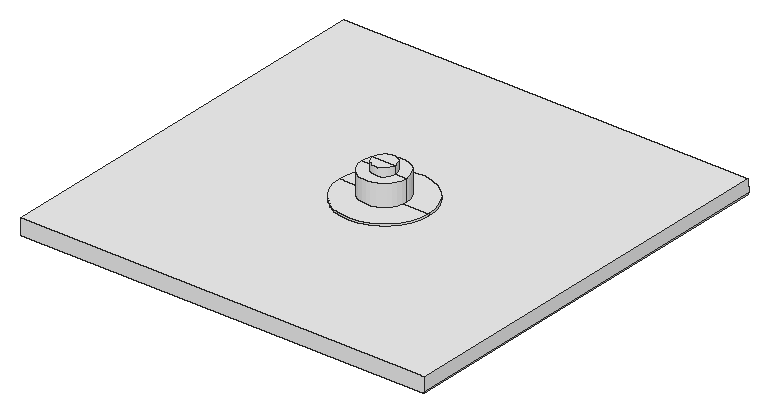
Revit family "Shower_Head-Ceiling_Mount-Grohe-Rainshower_F_Series_9-26869000", category Plumbing Fixtures, Revit 2019
Family settings
  Round Connector Dimension = Use Diameter
  Part Type = Normal
  OmniClass Number = 23.45.05.14.17
  OmniClass Title = Showers
  Work Plane-Based = Yes
  Always vertical = No
  Cut with Voids When Loaded = No
  Shared = Yes
  Room Calculation Point = No
Parameters (values of type "26869000")
  cUPC Compliant = yes
  Width = 9 1/16"  # constant formula
  WaterSense = yes
  Waste Connection = no
  WFU = 4  # constant formula
  Vent Connection = no
  URL = "https://www.grohe.ca/"
  Tempered Water Connection = yes
  Tempered Connection Radius = Tempered Connection Diameter / 2  # 1/4"
  Tempered Connection Diameter = 1/2"  # constant formula
  Speed Clean = yes
  Price = "Prices may vary. Please consult Manufacturer Representative for most up-to-date price list."  # constant formula
  Model = "26869000"
  Material = "Metal-Grohe-000-StarLight Chrome"
  Manufacturer = "Grohe"
  Installation Type = "Ceiling Mounted"
  Height = 1/2"  # constant formula
  HWFU = 3  # constant formula
  HW Connection = no
  GROHE StarLight = yes
  GROHE EcoJoy = yes
  GROHE DripStop = yes
  GROHE DreamSpray = yes
  Flow Rate = "1.75gpm (6.6L/min)"
  Finish = Metal-Grohe-000-StarLight Chrome
  Description = "Rainshower 230 Ceiling Shower Head, 9\" 1 Spray 1.75 gpm"
  Default Elevation = 0"
  Creation Date = "05/30/2023"  # constant formula
  CalGreen Compliant = yes
  CWFU = 3  # constant formula
  CW Connection = no
  CEC Compliant = yes
  Assembly Code = "D2010710"
  ASME A112.18.1/CSA B125.1 = yes
Reference planes (in)
  plane 1 "Center (Front/Back)": y = 0
  plane 2: z = 0
  plane 3 "Center (Left/Right)": x = 0
  plane 4: through (0, 0, 48) normal (-0.8988, 0.4384, 0)
  plane 5: through (3.85165, 3.86001, 48) normal (0.7071, -0.7071, 0)
  plane 6: through (0, 0, 48) normal (-0.3256, 0.9455, 0)
  plane 7: through (0, 0, 48) normal (0.8988, 0.4384, 0)
  plane 8: through (3.85165, -3.86001, 48) normal (-0.7071, -0.7071, 0)
  plane 9: through (0, 0, 48) normal (0.3256, 0.9455, 0)
  plane 10: through (0, 0, 48) normal (0.8988, -0.4384, 0)
  plane 11: through (-3.85165, -3.86001, 48) normal (-0.7071, 0.7071, 0)
  plane 12: through (0, 0, 48) normal (0.3256, -0.9455, 0)
  plane 13: through (0, 0, 48) normal (-0.8988, -0.4384, 0)
  plane 14: through (-3.85165, 3.86001, 48) normal (0.7071, 0.7071, 0)
  plane 15: through (0, 0, 48) normal (-0.3256, -0.9455, 0)
  plane 16: x = -4.53125
  plane 17: x = 4.53125
  plane 18: y = 4.53125
  plane 19: y = -4.53125
  plane 20: z = -0.5625
  plane 21: y = -0.00274
  plane 22: x = 0
  plane 23: x = -0.75
  plane 24: x = -1.5
  plane 25: x = -2.25
  plane 26: x = -3
  plane 27: x = -3.75
  plane 28: x = -4.5
  plane 29: x = 0.75
  plane 30: x = 1.5
  plane 31: x = 2.25
  plane 32: x = 3
  plane 33: x = 3.75
  plane 34: through (3.34552, 0.78601, 48) normal (-0.0003, -1, 0)
  plane 35: through (3.34576, 1.53601, 48) normal (-0.0003, -1, 0)
  plane 36: through (3.346, 2.28601, 48) normal (-0.0003, -1, 0)
  plane 37: through (3.34624, 3.03601, 48) normal (-0.0003, -1, 0)
  plane 38: through (3.34648, 3.78601, 48) normal (-0.0003, -1, 0)
  plane 39: through (3.34672, 4.53601, 48) normal (-0.0003, -1, 0)
  plane 40: through (3.34504, -0.71399, 48) normal (-0.0003, -1, 0)
  plane 41: through (3.3448, -1.46399, 48) normal (-0.0003, -1, 0)
  plane 42: through (3.34455, -2.21399, 48) normal (-0.0003, -1, 0)
  plane 43: through (3.34431, -2.96399, 48) normal (-0.0003, -1, 0)
  plane 44: through (3.34407, -3.71399, 48) normal (-0.0003, -1, 0)
  plane 45: y = -0.00274
  plane 46: x = 0
  plane 47: x = 0.75
  plane 48: x = 1.5
  plane 49: x = 2.25
  plane 50: x = 3
  plane 51: x = 3.75
  plane 52: through (3.34504, 0.70851, 48) normal (0.0003, -1, 0)
  plane 53: through (3.3448, 1.45851, 48) normal (0.0003, -1, 0)
  plane 54: through (3.34455, 2.20851, 48) normal (0.0003, -1, 0)
  plane 55: through (3.34431, 2.95851, 48) normal (0.0003, -1, 0)
  plane 56: through (3.34407, 3.70851, 48) normal (0.0003, -1, 0)
  plane 57: x = -0.75
  plane 58: x = -1.5
  plane 59: x = -2.25
  plane 60: x = -3
  plane 61: x = -3.75
  plane 62: through (-3.34504, 0.70851, 48) normal (0.0003, 1, 0)
  plane 63: through (-3.3448, 1.45851, 48) normal (0.0003, 1, 0)
  plane 64: through (-3.34455, 2.20851, 48) normal (0.0003, 1, 0)
  plane 65: through (-3.34431, 2.95851, 48) normal (0.0003, 1, 0)
  plane 66: through (-3.34407, 3.70851, 48) normal (0.0003, 1, 0)
  plane 67: x = -0.75
  plane 68: x = -1.5
  plane 69: x = -2.25
  plane 70: x = -3
  plane 71: x = -3.75
  plane 72: through (-3.34504, -0.71399, 48) normal (-0.0003, 1, 0)
  plane 73: through (-3.3448, -1.46399, 48) normal (-0.0003, 1, 0)
  plane 74: through (-3.34455, -2.21399, 48) normal (-0.0003, 1, 0)
  plane 75: through (-3.34431, -2.96399, 48) normal (-0.0003, 1, 0)
  plane 76: through (-3.34407, -3.71399, 48) normal (-0.0003, 1, 0)
Forms (in)
  Extrusion 1, solid, material "Metal-Grohe-000-StarLight Chrome" <- "Finish"
    sketch origin (0, 0, 1.12205) x (1, 0, 0) y (0, 0, 1)
      loop
        line (-4.53125, -1.12205) -> (-4.53125, -1.41894)
        arc (-4.53125, -1.41894) -> (-4.52022, -1.44556) -> (-4.4936, -1.45659) r 0.03765
        line (-4.4936, -1.45659) -> (4.4936, -1.45659)
        arc (4.4936, -1.45659) -> (4.52022, -1.44556) -> (4.53125, -1.41894) r 0.03765
        line (4.53125, -1.41894) -> (4.53125, -1.12205) -> (-4.53125, -1.12205)
    from -4.53125 to 4.53125
  Extrusion 2, solid, material "Metal-Grohe-000-StarLight Chrome" <- "Finish"
    sketch origin (0, 0, 0) x (1, 0, 0) y (0, 1, 0)
      loop
        line (4.07813, -4.07031) -> (4.07813, 4.07031) -> (-4.07031, 4.07031) -> (-4.07031, -4.07031) -> (4.07813, -4.07031)
    from -0.5064 to 0
  Extrusion 3, solid, material "Metal-Grohe-000-StarLight Chrome" <- "Finish"
    sketch origin (0, 0, 0) x (1, 0, 0) y (0, 1, 0)
      loop
        circle (0, -0.00274) r 0.09637
      loop
        circle (-0.75, -0.00274) r 0.09637
      loop
        circle (-1.5, -0.00274) r 0.09637
      loop
        circle (-3.75, -0.00274) r 0.09637
      loop
        circle (-2.25, -0.00274) r 0.09637
      loop
        circle (-3, -0.00274) r 0.09637
      loop
        circle (0.75, -0.00274) r 0.09637
      loop
        circle (1.5, -0.00274) r 0.09637
      loop
        circle (3.75, -0.00274) r 0.09637
      loop
        circle (2.25, -0.00274) r 0.09637
      loop
        circle (3, -0.00274) r 0.09637
      loop
        circle (0, -0.75274) r 0.09637
      loop
        circle (0, -1.50274) r 0.09637
      loop
        circle (0, -3.75274) r 0.09637
      loop
        circle (0, -2.25274) r 0.09637
      loop
        circle (0, -3.00274) r 0.09637
      loop
        circle (0, 0.74726) r 0.09637
      loop
        circle (0, 1.49726) r 0.09637
      loop
        circle (0, 3.74726) r 0.09637
      loop
        circle (0, 2.24726) r 0.09637
      loop
        circle (0, 2.99726) r 0.09637
      loop
        circle (0.75, -0.75274) r 0.09637
      loop
        circle (0.75, -1.50274) r 0.09637
      loop
        circle (0.75, -3.75274) r 0.09637
      loop
        circle (0.75, -2.25274) r 0.09637
      loop
        circle (0.75, -3.00274) r 0.09637
      loop
        circle (1.5, -0.75274) r 0.09637
      loop
        circle (1.5, -1.50274) r 0.09637
      loop
        circle (1.5, -3.75274) r 0.09637
      loop
        circle (1.5, -2.25274) r 0.09637
      loop
        circle (1.5, -3.00274) r 0.09637
      loop
        circle (2.25, -0.75274) r 0.09637
      loop
        circle (2.25, -1.50274) r 0.09637
      loop
        circle (2.25, -3.75274) r 0.09637
      loop
        circle (2.25, -2.25274) r 0.09637
      loop
        circle (2.25, -3.00274) r 0.09637
      loop
        circle (3, -0.75274) r 0.09637
      loop
        circle (3, -1.50274) r 0.09637
      loop
        circle (3, -3.75274) r 0.09637
      loop
        circle (3, -2.25274) r 0.09637
      loop
        circle (3, -3.00274) r 0.09637
      loop
        circle (3.75, -0.75274) r 0.09637
      loop
        circle (3.75, -1.50274) r 0.09637
      loop
        circle (3.75, -3.75274) r 0.09637
      loop
        circle (3.75, -2.25274) r 0.09637
      loop
        circle (3.75, -3.00274) r 0.09637
      loop
        circle (0.75, 0.74726) r 0.09637
      loop
        circle (0.75, 1.49726) r 0.09637
      loop
        circle (0.75, 3.74726) r 0.09637
      loop
        circle (0.75, 2.24726) r 0.09637
      loop
        circle (0.75, 2.99726) r 0.09637
      loop
        circle (1.5, 0.74726) r 0.09637
      loop
        circle (1.5, 1.49726) r 0.09637
      loop
        circle (1.5, 3.74726) r 0.09637
      loop
        circle (1.5, 2.24726) r 0.09637
      loop
        circle (1.5, 2.99726) r 0.09637
      loop
        circle (2.25, 0.74726) r 0.09637
      loop
        circle (2.25, 1.49726) r 0.09637
      loop
        circle (2.25, 3.74726) r 0.09637
      loop
        circle (2.25, 2.24726) r 0.09637
      loop
        circle (2.25, 2.99726) r 0.09637
      loop
        circle (3, 0.74726) r 0.09637
      loop
        circle (3, 1.49726) r 0.09637
      loop
        circle (3, 3.74726) r 0.09637
      loop
        circle (3, 2.24726) r 0.09637
      loop
        circle (3, 2.99726) r 0.09637
      loop
        circle (3.75, 0.74726) r 0.09637
      loop
        circle (3.75, 1.49726) r 0.09637
      loop
        circle (3.75, 3.74726) r 0.09637
      loop
        circle (3.75, 2.24726) r 0.09637
      loop
        circle (3.75, 2.99726) r 0.09637
      loop
        circle (-0.75, 0.74726) r 0.09637
      loop
        circle (-0.75, 1.49726) r 0.09637
      loop
        circle (-0.75, 3.74726) r 0.09637
      loop
        circle (-0.75, 2.24726) r 0.09637
      loop
        circle (-0.75, 2.99726) r 0.09637
      loop
        circle (-1.5, 0.74726) r 0.09637
      loop
        circle (-1.5, 1.49726) r 0.09637
      loop
        circle (-1.5, 3.74726) r 0.09637
      loop
        circle (-1.5, 2.24726) r 0.09637
      loop
        circle (-1.5, 2.99726) r 0.09637
      loop
        circle (-2.25, 0.74726) r 0.09637
      loop
        circle (-2.25, 1.49726) r 0.09637
      loop
        circle (-2.25, 3.74726) r 0.09637
      loop
        circle (-2.25, 2.24726) r 0.09637
      loop
        circle (-2.25, 2.99726) r 0.09637
      loop
        circle (-3, 0.74726) r 0.09637
      loop
        circle (-3, 1.49726) r 0.09637
      loop
        circle (-3, 3.74726) r 0.09637
      loop
        circle (-3, 2.24726) r 0.09637
      loop
        circle (-3, 2.99726) r 0.09637
      loop
        circle (-3.75, 0.74726) r 0.09637
      loop
        circle (-3.75, 1.49726) r 0.09637
      loop
        circle (-3.75, 3.74726) r 0.09637
      loop
        circle (-3.75, 2.24726) r 0.09637
      loop
        circle (-3.75, 2.99726) r 0.09637
      loop
        circle (-0.75, -0.75274) r 0.09637
      loop
        circle (-0.75, -1.50274) r 0.09637
      loop
        circle (-0.75, -3.75274) r 0.09637
      loop
        circle (-0.75, -2.25274) r 0.09637
      loop
        circle (-0.75, -3.00274) r 0.09637
      loop
        circle (-1.5, -0.75274) r 0.09637
      loop
        circle (-1.5, -1.50274) r 0.09637
      loop
        circle (-1.5, -3.75274) r 0.09637
      loop
        circle (-1.5, -2.25274) r 0.09637
      loop
        circle (-1.5, -3.00274) r 0.09637
      loop
        circle (-2.25, -0.75274) r 0.09637
      loop
        circle (-2.25, -1.50274) r 0.09637
      loop
        circle (-2.25, -3.75274) r 0.09637
      loop
        circle (-2.25, -2.25274) r 0.09637
      loop
        circle (-2.25, -3.00274) r 0.09637
      loop
        circle (-3, -0.75274) r 0.09637
      loop
        circle (-3, -1.50274) r 0.09637
      loop
        circle (-3, -3.75274) r 0.09637
      loop
        circle (-3, -2.25274) r 0.09637
      loop
        circle (-3, -3.00274) r 0.09637
      loop
        circle (-3.75, -0.75274) r 0.09637
      loop
        circle (-3.75, -1.50274) r 0.09637
      loop
        circle (-3.75, -3.75274) r 0.09637
      loop
        circle (-3.75, -2.25274) r 0.09637
      loop
        circle (-3.75, -3.00274) r 0.09637
    from -0.5625 to -0.5064
  Revolve 4, solid, material "Metal-Grohe-000-StarLight Chrome" <- "Finish"
    sketch origin (0, 0, 0) x (1, 0, 0) y (0, 0, 1)
      loop
        line (0, 0) -> (1, 0) -> (1, 0.04364) -> (0.25, 0.04364) -> (0.25, 0.10333) -> (0.5, 0.10333) -> (0.5, 0.57511) -> (0.25, 0.57511) -> (0.25, 0.74501) -> (0, 0.74501) -> (0, 0)
      axis (0, 0) -> (0, 0.74501)
    angle from 0 to 360
Cuts and joins
  joined: Extrusion 1, Extrusion 2, Extrusion 3
Lines and regions (in)
  Masking region 1
    outline origin (0, 0, 0) x (1, 0, 0) y (0, 1, 0)
      loop
        line (-4.53125, 4.53125) -> (-4.53125, -4.53125) -> (4.53125, -4.53125) -> (4.53125, 4.53125) -> (-4.53125, 4.53125)
  symbolic lines, detail levels medium+fine
    curve 1: circle (0, 0, 0) r 1 normal (0, 0, 1)
    curve 2: circle (0, 0, 0) r 0.5 normal (0, 0, 1)
Dimensions and locks (in)
  plane 3 "Center (Left/Right)" to plane 16 = 4 17/32"
  plane 17 to plane 3 "Center (Left/Right)" = 4 17/32"
  locked: plane 16 to plane 17 at 9.0625
  plane 18 to plane 1 "Center (Front/Back)" = 4 17/32"
  plane 19 to plane 1 "Center (Front/Back)" = 4 17/32"
  locked: plane 18 to plane 19 at 9.0625
  locked: plane 2 to plane 20 at 0.5625  (x2)
  plane 16 to plane 17 = 9 1/16"
  aligned and locked: level to Extrusion 2
  aligned and locked: cut or joined group of Extrusion 1, Extrusion 2, Extrusion 3 to plane 17
  aligned and locked: Masking region 1 to plane 17
  aligned and locked: cut or joined group of Extrusion 1, Extrusion 2, Extrusion 3 to plane 16
  aligned and locked: Masking region 1 to plane 16
  aligned and locked: plane 18 to cut or joined group of Extrusion 1, Extrusion 2, Extrusion 3
  aligned and locked: plane 18 to Masking region 1
  aligned and locked: cut or joined group of Extrusion 1, Extrusion 2, Extrusion 3 to plane 19
  aligned and locked: Extrusion 3 to plane 20
  aligned and locked: curve 1 to Revolve 4
  aligned and locked: curve 2 to Revolve 4
Connectors (in)
  piping at (0, 0, 0.74501), diameter 0.5, driven by "Tempered Connection Diameter"
    settings: on Revolve 4, index 1, connector inside diameter 24", connector length 0", flow factor 0, pipe flow 0 GPM, pressure drop 0.00 psi, fitting loss kfactor 0, connector angle 0.00°, fixture units 0, engagement length 0", angle of deflection 0.00°, flow configuration 0, flow direction 1, fitting loss method 0, system type 29, joint type 0, gender type 0, connector reference index -1, connector utility 0, adjustable connector no, is connector primary yes, connector description "1/2\" NPT Supply Inlet"
